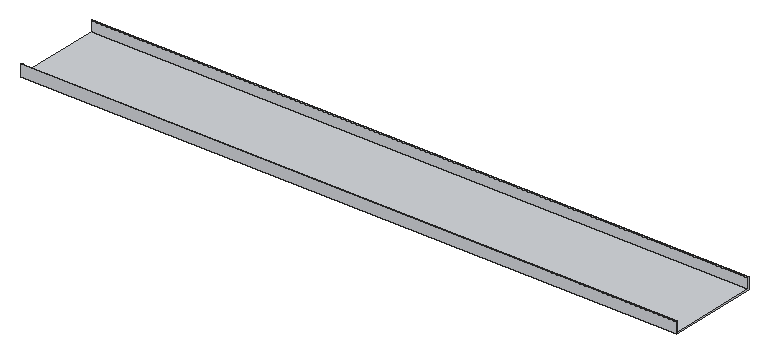
Revit family "Floor Track", category Structural Framing, Revit 2026
Family settings
  Section Shape = Not Defined
  Material for Model Behavior = Other
  Always export as geometry = No
  Classification Number = 23.25.30.11.14.14
  Always vertical = Yes
  Cut with Voids When Loaded = No
  Symbolic Representation = From Family
  Shared = No
  Show family pre-cut in plan views = Yes
Parameters (values of type "1600T200-118, 50 ksi")
  Version = "2.0"
  URL = "http://www.steelnetwork.com/product.aspx/SSMA_TSectionStud"
  T = 0' - 0.1242"
  Stud_D = 1' - 4"
  Section_DB = 9
  Manufacturer = "The Steel Network, Inc."
  Length [instance] = 10' - 0"
  D = 1' - 4.435"
  B = 0' - 2"
Types (176): name | T | Stud_D | D | B
  (no name) | 0' - 0 13/128" | 1' - 0" | 1' - 0 91/256" | 0' - 2"
  800T125-33, 33 ksi | 0' - 0.0346" | 0' - 8" | 0' - 8.146" | 0' - 1 1/4"
  800T125-43, 33 ksi | 0' - 0.0451" | 0' - 8" | 0' - 8.161" | 0' - 1 1/4"
  800T125-54, 33 ksi | 0' - 0.0566" | 0' - 8" | 0' - 8.198" | 0' - 1 1/4"
  800T125-54, 50 ksi | 0' - 0.0566" | 0' - 8" | 0' - 8.198" | 0' - 1 1/4"
  800T125-68, 33 ksi | 0' - 0.0713" | 0' - 8" | 0' - 8 1/4" | 0' - 1 1/4"
  800T125-68, 50 ksi | 0' - 0.0713" | 0' - 8" | 0' - 8 1/4" | 0' - 1 1/4"
  800T125-97, 33 ksi | 0' - 0.1017" | 0' - 8" | 0' - 8.356" | 0' - 1 1/4"
  800T125-97, 50 ksi | 0' - 0.1017" | 0' - 8" | 0' - 8.356" | 0' - 1 1/4"
  800T150-33, 33 ksi | 0' - 0.0346" | 0' - 8" | 0' - 8.146" | 0' - 1 1/2"
  800T150-43, 33 ksi | 0' - 0.0451" | 0' - 8" | 0' - 8.161" | 0' - 1 1/2"
  800T150-54, 33 ksi | 0' - 0.0566" | 0' - 8" | 0' - 8.198" | 0' - 1 1/2"
  800T150-54, 50 ksi | 0' - 0.0566" | 0' - 8" | 0' - 8.198" | 0' - 1 1/2"
  800T150-68, 33 ksi | 0' - 0.0713" | 0' - 8" | 0' - 8 1/4" | 0' - 1 1/2"
  800T150-68, 50 ksi | 0' - 0.0713" | 0' - 8" | 0' - 8 1/4" | 0' - 1 1/2"
  800T150-97, 33 ksi | 0' - 0.1017" | 0' - 8" | 0' - 8.356" | 0' - 1 1/2"
  800T150-97, 50 ksi | 0' - 0.1017" | 0' - 8" | 0' - 8.356" | 0' - 1 1/2"
  800T150-118, 50 ksi | 0' - 0.1242" | 0' - 8" | 0' - 8.435" | 0' - 1 1/2"
  800T200-33, 33 ksi | 0' - 0.0346" | 0' - 8" | 0' - 8.146" | 0' - 2"
  800T200-43, 33 ksi | 0' - 0.0451" | 0' - 8" | 0' - 8.161" | 0' - 2"
  800T200-54, 33 ksi | 0' - 0.0566" | 0' - 8" | 0' - 8.198" | 0' - 2"
  800T200-54, 50 ksi | 0' - 0.0566" | 0' - 8" | 0' - 8.198" | 0' - 2"
  800T200-68, 33 ksi | 0' - 0.0713" | 0' - 8" | 0' - 8 1/4" | 0' - 2"
  800T200-68, 50 ksi | 0' - 0.0713" | 0' - 8" | 0' - 8 1/4" | 0' - 2"
  800T200-97, 33 ksi | 0' - 0.1017" | 0' - 8" | 0' - 8.356" | 0' - 2"
  800T200-97, 50 ksi | 0' - 0.1017" | 0' - 8" | 0' - 8.356" | 0' - 2"
  800T200-118, 50 ksi | 0' - 0.1242" | 0' - 8" | 0' - 8.435" | 0' - 2"
  800T250-43, 33 ksi | 0' - 0.0451" | 0' - 8" | 0' - 8.161" | 0' - 2 1/2"
  800T250-54, 33 ksi | 0' - 0.0566" | 0' - 8" | 0' - 8.198" | 0' - 2 1/2"
  800T250-54, 50 ksi | 0' - 0.0566" | 0' - 8" | 0' - 8.198" | 0' - 2 1/2"
  800T250-68, 33 ksi | 0' - 0.0713" | 0' - 8" | 0' - 8 1/4" | 0' - 2 1/2"
  800T250-68, 50 ksi | 0' - 0.0713" | 0' - 8" | 0' - 8 1/4" | 0' - 2 1/2"
  800T250-97, 33 ksi | 0' - 0.1017" | 0' - 8" | 0' - 8.356" | 0' - 2 1/2"
  800T250-97, 50 ksi | 0' - 0.1017" | 0' - 8" | 0' - 8.356" | 0' - 2 1/2"
  800T300-54, 33 ksi | 0' - 0.0566" | 0' - 8" | 0' - 8.198" | 0' - 3"
  800T300-54, 50 ksi | 0' - 0.0566" | 0' - 8" | 0' - 8.198" | 0' - 3"
  800T300-68, 33 ksi | 0' - 0.0713" | 0' - 8" | 0' - 8 1/4" | 0' - 3"
  800T300-68, 50 ksi | 0' - 0.0713" | 0' - 8" | 0' - 8 1/4" | 0' - 3"
  800T300-97, 33 ksi | 0' - 0.1017" | 0' - 8" | 0' - 8.356" | 0' - 3"
  800T300-97, 50 ksi | 0' - 0.1017" | 0' - 8" | 0' - 8.356" | 0' - 3"
  925T125-43, 33 ksi | 0' - 0.0451" | 0' - 9 1/4" | 0' - 9.411" | 0' - 1 1/4"
  925T125-54, 33 ksi | 0' - 0.0566" | 0' - 9 1/4" | 0' - 9.448" | 0' - 1 1/4"
  925T125-54, 50 ksi | 0' - 0.0566" | 0' - 9 1/4" | 0' - 9.448" | 0' - 1 1/4"
  925T125-68, 33 ksi | 0' - 0.0713" | 0' - 9 1/4" | 0' - 9 1/2" | 0' - 1 1/4"
  925T125-68, 50 ksi | 0' - 0.0713" | 0' - 9 1/4" | 0' - 9 1/2" | 0' - 1 1/4"
  925T125-97, 33 ksi | 0' - 0.1017" | 0' - 9 1/4" | 0' - 9.606" | 0' - 1 1/4"
  925T125-97, 50 ksi | 0' - 0.1017" | 0' - 9 1/4" | 0' - 9.606" | 0' - 1 1/4"
  925T200-43, 33 ksi | 0' - 0.0451" | 0' - 9 1/4" | 0' - 9.411" | 0' - 2"
  925T200-54, 33 ksi | 0' - 0.0566" | 0' - 9 1/4" | 0' - 9.448" | 0' - 2"
  925T200-54, 50 ksi | 0' - 0.0566" | 0' - 9 1/4" | 0' - 9.448" | 0' - 2"
  925T200-68, 33 ksi | 0' - 0.0713" | 0' - 9 1/4" | 0' - 9 1/2" | 0' - 2"
  925T200-68, 50 ksi | 0' - 0.0713" | 0' - 9 1/4" | 0' - 9 1/2" | 0' - 2"
  925T200-97, 33 ksi | 0' - 0.1017" | 0' - 9 1/4" | 0' - 9.606" | 0' - 2"
  925T200-97, 50 ksi | 0' - 0.1017" | 0' - 9 1/4" | 0' - 9.606" | 0' - 2"
  1000T125-43, 33 ksi | 0' - 0.0451" | 0' - 10" | 0' - 10.161" | 0' - 1 1/4"
  1000T125-54, 33 ksi | 0' - 0.0566" | 0' - 10" | 0' - 10.198" | 0' - 1 1/4"
  1000T125-54, 50 ksi | 0' - 0.0566" | 0' - 10" | 0' - 10.198" | 0' - 1 1/4"
  1000T125-68, 33 ksi | 0' - 0.0713" | 0' - 10" | 0' - 10 1/4" | 0' - 1 1/4"
  1000T125-68, 50 ksi | 0' - 0.0713" | 0' - 10" | 0' - 10 1/4" | 0' - 1 1/4"
  1000T125-97, 33 ksi | 0' - 0.1017" | 0' - 10" | 0' - 10.356" | 0' - 1 1/4"
  1000T125-97, 50 ksi | 0' - 0.1017" | 0' - 10" | 0' - 10.356" | 0' - 1 1/4"
  1000T150-43, 33 ksi | 0' - 0.0451" | 0' - 10" | 0' - 10.161" | 0' - 1 1/2"
  1000T150-54, 33 ksi | 0' - 0.0566" | 0' - 10" | 0' - 10.198" | 0' - 1 1/2"
  1000T150-54, 50 ksi | 0' - 0.0566" | 0' - 10" | 0' - 10.198" | 0' - 1 1/2"
  1000T150-68, 33 ksi | 0' - 0.0713" | 0' - 10" | 0' - 10 1/4" | 0' - 1 1/2"
  1000T150-68, 50 ksi | 0' - 0.0713" | 0' - 10" | 0' - 10 1/4" | 0' - 1 1/2"
  1000T150-97, 33 ksi | 0' - 0.1017" | 0' - 10" | 0' - 10.356" | 0' - 1 1/2"
  1000T150-97, 50 ksi | 0' - 0.1017" | 0' - 10" | 0' - 10.356" | 0' - 1 1/2"
  1000T150-118, 50 ksi | 0' - 0.1242" | 0' - 10" | 0' - 10.435" | 0' - 1 1/2"
  1000T200-43, 33 ksi | 0' - 0.0451" | 0' - 10" | 0' - 10.161" | 0' - 2"
  1000T200-54, 33 ksi | 0' - 0.0566" | 0' - 10" | 0' - 10.198" | 0' - 2"
  1000T200-54, 50 ksi | 0' - 0.0566" | 0' - 10" | 0' - 10.198" | 0' - 2"
  1000T200-68, 33 ksi | 0' - 0.0713" | 0' - 10" | 0' - 10 1/4" | 0' - 2"
  1000T200-68, 50 ksi | 0' - 0.0713" | 0' - 10" | 0' - 10 1/4" | 0' - 2"
  1000T200-97, 33 ksi | 0' - 0.1017" | 0' - 10" | 0' - 10.356" | 0' - 2"
  1000T200-97, 50 ksi | 0' - 0.1017" | 0' - 10" | 0' - 10.356" | 0' - 2"
  1000T200-118, 50 ksi | 0' - 0.1242" | 0' - 10" | 0' - 10.435" | 0' - 2"
  1000T250-43, 33 ksi | 0' - 0.0451" | 0' - 10" | 0' - 10.161" | 0' - 2 1/2"
  1000T250-54, 33 ksi | 0' - 0.0566" | 0' - 10" | 0' - 10.198" | 0' - 2 1/2"
  1000T250-54, 50 ksi | 0' - 0.0566" | 0' - 10" | 0' - 10.198" | 0' - 2 1/2"
  1000T250-68, 33 ksi | 0' - 0.0713" | 0' - 10" | 0' - 10 1/4" | 0' - 2 1/2"
  1000T250-68, 50 ksi | 0' - 0.0713" | 0' - 10" | 0' - 10 1/4" | 0' - 2 1/2"
  1000T250-97, 33 ksi | 0' - 0.1017" | 0' - 10" | 0' - 10.356" | 0' - 2 1/2"
  1000T250-97, 50 ksi | 0' - 0.1017" | 0' - 10" | 0' - 10.356" | 0' - 2 1/2"
  1000T300-54, 33 ksi | 0' - 0.0566" | 0' - 10" | 0' - 10.198" | 0' - 3"
  1000T300-54, 50 ksi | 0' - 0.0566" | 0' - 10" | 0' - 10.198" | 0' - 3"
  1000T300-68, 33 ksi | 0' - 0.0713" | 0' - 10" | 0' - 10 1/4" | 0' - 3"
  1000T300-68, 50 ksi | 0' - 0.0713" | 0' - 10" | 0' - 10 1/4" | 0' - 3"
  1000T300-97, 33 ksi | 0' - 0.1017" | 0' - 10" | 0' - 10.356" | 0' - 3"
  1000T300-97, 50 ksi | 0' - 0.1017" | 0' - 10" | 0' - 10.356" | 0' - 3"
  1150T125-54, 33 ksi | 0' - 0.0566" | 0' - 11 1/2" | 0' - 11.698" | 0' - 1 1/4"
  1150T125-54, 50 ksi | 0' - 0.0566" | 0' - 11 1/2" | 0' - 11.698" | 0' - 1 1/4"
  1150T125-68, 33 ksi | 0' - 0.0713" | 0' - 11 1/2" | 0' - 11 3/4" | 0' - 1 1/4"
  1150T125-68, 50 ksi | 0' - 0.0713" | 0' - 11 1/2" | 0' - 11 3/4" | 0' - 1 1/4"
  1150T125-97, 33 ksi | 0' - 0.1017" | 0' - 11 1/2" | 0' - 11.856" | 0' - 1 1/4"
  1150T125-97, 50 ksi | 0' - 0.1017" | 0' - 11 1/2" | 0' - 11.856" | 0' - 1 1/4"
  1150T200-54, 33 ksi | 0' - 0.0566" | 0' - 11 1/2" | 0' - 11.698" | 0' - 2"
  1150T200-54, 50 ksi | 0' - 0.0566" | 0' - 11 1/2" | 0' - 11.698" | 0' - 2"
  1150T200-68, 33 ksi | 0' - 0.0713" | 0' - 11 1/2" | 0' - 11 3/4" | 0' - 2"
  1150T200-68, 50 ksi | 0' - 0.0713" | 0' - 11 1/2" | 0' - 11 3/4" | 0' - 2"
  1150T200-97, 33 ksi | 0' - 0.1017" | 0' - 11 1/2" | 0' - 11.856" | 0' - 2"
  1150T200-97, 50 ksi | 0' - 0.1017" | 0' - 11 1/2" | 0' - 11.856" | 0' - 2"
  1200T125-54, 33 ksi | 0' - 0.0566" | 1' - 0" | 1' - 0.198" | 0' - 1 1/4"
  1200T125-54, 50 ksi | 0' - 0.0566" | 1' - 0" | 1' - 0.198" | 0' - 1 1/4"
  1200T125-68, 33 ksi | 0' - 0.0713" | 1' - 0" | 1' - 0 1/4" | 0' - 1 1/4"
  1200T125-68, 50 ksi | 0' - 0.0713" | 1' - 0" | 1' - 0 1/4" | 0' - 1 1/4"
  1200T125-97, 33 ksi | 0' - 0.1017" | 1' - 0" | 1' - 0.356" | 0' - 1 1/4"
  1200T125-97, 50 ksi | 0' - 0.1017" | 1' - 0" | 1' - 0.356" | 0' - 1 1/4"
  1200T150-54, 33 ksi | 0' - 0.0566" | 1' - 0" | 1' - 0.198" | 0' - 1 1/2"
  1200T150-54, 50 ksi | 0' - 0.0566" | 1' - 0" | 1' - 0.198" | 0' - 1 1/2"
  1200T150-68, 33 ksi | 0' - 0.0713" | 1' - 0" | 1' - 0 1/4" | 0' - 1 1/2"
  1200T150-68, 50 ksi | 0' - 0.0713" | 1' - 0" | 1' - 0 1/4" | 0' - 1 1/2"
  1200T150-97, 33 ksi | 0' - 0.1017" | 1' - 0" | 1' - 0.356" | 0' - 1 1/2"
  1200T150-97, 50 ksi | 0' - 0.1017" | 1' - 0" | 1' - 0.356" | 0' - 1 1/2"
  1200T150-118, 50 ksi | 0' - 0.1242" | 1' - 0" | 1' - 0.435" | 0' - 1 1/2"
  1200T200-54, 33 ksi | 0' - 0.0566" | 1' - 0" | 1' - 0.198" | 0' - 2"
  1200T200-54, 50 ksi | 0' - 0.0566" | 1' - 0" | 1' - 0.198" | 0' - 2"
  1200T200-68, 33 ksi | 0' - 0.0713" | 1' - 0" | 1' - 0 1/4" | 0' - 2"
  1200T200-68, 50 ksi | 0' - 0.0713" | 1' - 0" | 1' - 0 1/4" | 0' - 2"
  1200T200-97, 33 ksi | 0' - 0.1017" | 1' - 0" | 1' - 0.356" | 0' - 2"
  1200T200-97, 50 ksi | 0' - 0.1017" | 1' - 0" | 1' - 0.356" | 0' - 2"
  1200T200-118, 50 ksi | 0' - 0.1242" | 1' - 0" | 1' - 0.435" | 0' - 2"
  1200T250-54, 33 ksi | 0' - 0.0566" | 1' - 0" | 1' - 0.198" | 0' - 2 1/2"
  1200T250-54, 50 ksi | 0' - 0.0566" | 1' - 0" | 1' - 0.198" | 0' - 2 1/2"
  1200T250-68, 33 ksi | 0' - 0.0713" | 1' - 0" | 1' - 0 1/4" | 0' - 2 1/2"
  1200T250-68, 50 ksi | 0' - 0.0713" | 1' - 0" | 1' - 0 1/4" | 0' - 2 1/2"
  1200T250-97, 33 ksi | 0' - 0.1017" | 1' - 0" | 1' - 0.356" | 0' - 2 1/2"
  1200T250-97, 50 ksi | 0' - 0.1017" | 1' - 0" | 1' - 0.356" | 0' - 2 1/2"
  1200T300-54, 33 ksi | 0' - 0.0566" | 1' - 0" | 1' - 0.198" | 0' - 3"
  1200T300-54, 50 ksi | 0' - 0.0566" | 1' - 0" | 1' - 0.198" | 0' - 3"
  1200T300-68, 33 ksi | 0' - 0.0713" | 1' - 0" | 1' - 0 1/4" | 0' - 3"
  1200T300-68, 50 ksi | 0' - 0.0713" | 1' - 0" | 1' - 0 1/4" | 0' - 3"
  1200T300-97, 33 ksi | 0' - 0.1017" | 1' - 0" | 1' - 0.356" | 0' - 3"
  1200T300-97, 50 ksi | 0' - 0.1017" | 1' - 0" | 1' - 0.356" | 0' - 3"
  1400T125-54, 33 ksi | 0' - 0.0566" | 1' - 2" | 1' - 2.198" | 0' - 1 1/4"
  1400T125-54, 50 ksi | 0' - 0.0566" | 1' - 2" | 1' - 2.198" | 0' - 1 1/4"
  1400T125-68, 33 ksi | 0' - 0.0713" | 1' - 2" | 1' - 2 1/4" | 0' - 1 1/4"
  1400T125-68, 50 ksi | 0' - 0.0713" | 1' - 2" | 1' - 2 1/4" | 0' - 1 1/4"
  1400T125-97, 33 ksi | 0' - 0.1017" | 1' - 2" | 1' - 2.356" | 0' - 1 1/4"
  1400T125-97, 50 ksi | 0' - 0.1017" | 1' - 2" | 1' - 2.356" | 0' - 1 1/4"
  1400T150-54, 33 ksi | 0' - 0.0566" | 1' - 2" | 1' - 2.198" | 0' - 1 1/2"
  1400T150-54, 50 ksi | 0' - 0.0566" | 1' - 2" | 1' - 2.198" | 0' - 1 1/2"
  1400T150-68, 33 ksi | 0' - 0.0713" | 1' - 2" | 1' - 2 1/4" | 0' - 1 1/2"
  1400T150-68, 50 ksi | 0' - 0.0713" | 1' - 2" | 1' - 2 1/4" | 0' - 1 1/2"
  1400T150-97, 33 ksi | 0' - 0.1017" | 1' - 2" | 1' - 2.356" | 0' - 1 1/2"
  1400T150-97, 50 ksi | 0' - 0.1017" | 1' - 2" | 1' - 2.356" | 0' - 1 1/2"
  1400T150-118, 50 ksi | 0' - 0.1242" | 1' - 2" | 1' - 2.435" | 0' - 1 1/2"
  1400T200-54, 33 ksi | 0' - 0.0566" | 1' - 2" | 1' - 2.198" | 0' - 2"
  1400T200-54, 50 ksi | 0' - 0.0566" | 1' - 2" | 1' - 2.198" | 0' - 2"
  1400T200-68, 33 ksi | 0' - 0.0713" | 1' - 2" | 1' - 2 1/4" | 0' - 2"
  1400T200-68, 50 ksi | 0' - 0.0713" | 1' - 2" | 1' - 2 1/4" | 0' - 2"
  1400T200-97, 33 ksi | 0' - 0.1017" | 1' - 2" | 1' - 2.356" | 0' - 2"
  1400T200-97, 50 ksi | 0' - 0.1017" | 1' - 2" | 1' - 2.356" | 0' - 2"
  1400T200-118, 50 ksi | 0' - 0.1242" | 1' - 2" | 1' - 2.435" | 0' - 2"
  1400T250-54, 33 ksi | 0' - 0.0566" | 1' - 2" | 1' - 2.198" | 0' - 2 1/2"
  1400T250-54, 50 ksi | 0' - 0.0566" | 1' - 2" | 1' - 2.198" | 0' - 2 1/2"
  1400T250-68, 33 ksi | 0' - 0.0713" | 1' - 2" | 1' - 2 1/4" | 0' - 2 1/2"
  1400T250-68, 50 ksi | 0' - 0.0713" | 1' - 2" | 1' - 2 1/4" | 0' - 2 1/2"
  1400T250-97, 33 ksi | 0' - 0.1017" | 1' - 2" | 1' - 2.356" | 0' - 2 1/2"
  1400T250-97, 50 ksi | 0' - 0.1017" | 1' - 2" | 1' - 2.356" | 0' - 2 1/2"
  1400T300-54, 33 ksi | 0' - 0.0566" | 1' - 2" | 1' - 2.198" | 0' - 3"
  1400T300-54, 50 ksi | 0' - 0.0566" | 1' - 2" | 1' - 2.198" | 0' - 3"
  1400T300-68, 33 ksi | 0' - 0.0713" | 1' - 2" | 1' - 2 1/4" | 0' - 3"
  1400T300-68, 50 ksi | 0' - 0.0713" | 1' - 2" | 1' - 2 1/4" | 0' - 3"
  1400T300-97, 33 ksi | 0' - 0.1017" | 1' - 2" | 1' - 2.356" | 0' - 3"
  1400T300-97, 50 ksi | 0' - 0.1017" | 1' - 2" | 1' - 2.356" | 0' - 3"
  1600T125-68, 33 ksi | 0' - 0.0713" | 1' - 4" | 1' - 4 1/4" | 0' - 1 1/4"
  1600T125-68, 50 ksi | 0' - 0.0713" | 1' - 4" | 1' - 4 1/4" | 0' - 1 1/4"
  1600T125-97, 33 ksi | 0' - 0.1017" | 1' - 4" | 1' - 4.356" | 0' - 1 1/4"
  1600T125-97, 50 ksi | 0' - 0.1017" | 1' - 4" | 1' - 4.356" | 0' - 1 1/4"
  1600T125-118, 50 ksi | 0' - 0.1242" | 1' - 4" | 1' - 4.435" | 0' - 1 1/4"
  1600T200-68, 33 ksi | 0' - 0.0713" | 1' - 4" | 1' - 4 1/4" | 0' - 2"
  1600T200-68, 50 ksi | 0' - 0.0713" | 1' - 4" | 1' - 4 1/4" | 0' - 2"
  1600T200-97, 33 ksi | 0' - 0.1017" | 1' - 4" | 1' - 4.356" | 0' - 2"
  1600T200-97, 50 ksi | 0' - 0.1017" | 1' - 4" | 1' - 4.356" | 0' - 2"
  1600T200-118, 50 ksi | 0' - 0.1242" | 1' - 4" | 1' - 4.435" | 0' - 2"
Reference planes (in)
  plane 1 "Center (Front/Back)": y = 0
  plane 2 "Center El.": z = 0
  plane 3 "Center (Left/Right)": x = 0
  plane 4 "Left": x = -60
  plane 5 "Right": x = 60
  plane 6: z = 0
  plane 7: z = 2
  plane 8: y = -8.2175
  plane 9: y = 8.2175
Forms (in)
  Extrusion 1, solid
    sketch origin (60, 0, 0) x (0, -1, 0) y (0, 0, 1)
      loop
        line (8.2175, 2) -> (8.0933, 2) -> (8.0933, 0.1242) -> (-8.0933, 0.1242) -> (-8.0933, 2) -> (-8.2175, 2) -> (-8.2175, 0) -> (8.2175, 0) -> (8.2175, 2)
    from 0 to 120
Lines and regions (in)
  model lines, style "Stick Symbols", detail levels coarse
    curve 1: line (-60, 0, 0) -> (60, 0, 0)
Dimensions and locks (in)
  equal spacing: plane 4 "Left", plane 3 "Center (Left/Right)", plane 5 "Right"
  "Length": plane 4 "Left" to plane 5 "Right"
  equal spacing: plane 8, plane 1 "Center (Front/Back)", plane 9
  "D": plane 8 to plane 9
  "B": plane 7 to plane 6
  "T": Extrusion 1 to plane 6
  "T": plane 8 to Extrusion 1
  "T": Extrusion 1 to plane 9
  aligned and locked: plane 1 "Center (Front/Back)" to curve 1
  aligned and locked: Extrusion 1 to plane 6
  aligned and locked: plane 9 to Extrusion 1
  aligned and locked: Extrusion 1 to plane 8
  aligned and locked: Extrusion 1 to plane 5 "Right"
  aligned and locked: plane 4 "Left" to Extrusion 1
Automatic sketch dimensions
  curve 1 to plane 4 "Left" = 0' - 0"
  curve 1 to plane 5 "Right" = 0' - 0"
  Extrusion 1 sketch curve to plane 7 = 0' - 0"  (x2)
  Extrusion 1 sketch curve to plane 9 = 0' - 0"
  Extrusion 1 sketch curve to plane 6 = 0' - 0"
  Extrusion 1 sketch curve to plane 8 = 0' - 0"
  Extrusion 1 sketch curve to plane 9 = 0' - 0.1242"
  Extrusion 1 sketch curve to Extrusion 1 sketch curve = 0' - 0.1242"
  plane 6 to Extrusion 1 sketch curve = 0' - 0.1242"
